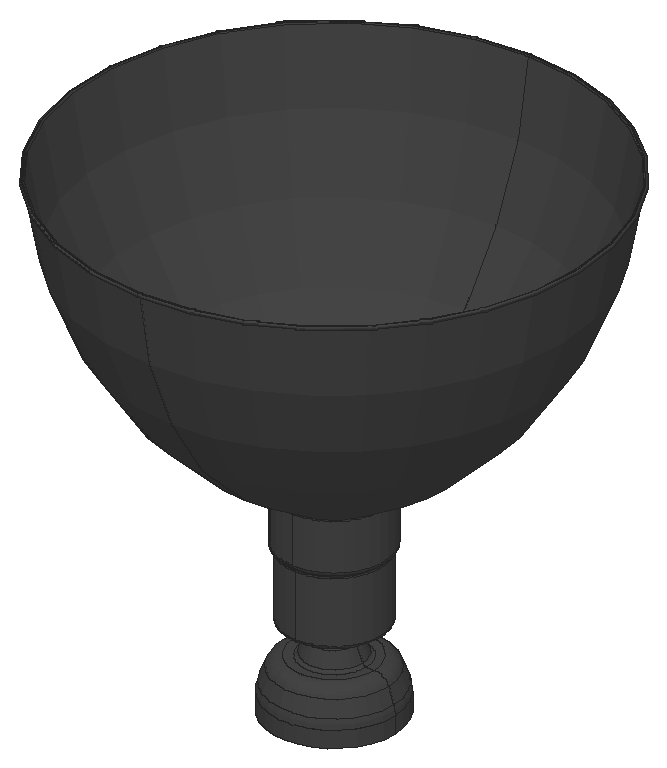
Revit family "BLE-F-VDBW-E26", category Lighting Fixtures, host Face, Revit 2022
Family settings
  Host = Face
  Round Connector Dimension = Use Diameter
  Part Type = Normal
  Cut with Voids When Loaded = No
  Light Source = Yes
  Maintain Annotation Orientation = No
  Shared = No
  Room Calculation Point = No
Parameters (values of type "24"")
  Wattage = 5.72229 W
  built-in parameter 1150110 = 1 (stored number, unit not read)
  built-in parameter 1114217 = 1 (stored number, unit not read)
  Tilt Angle = -90.00°
  built-in parameter 1150109 = 1 (stored number, unit not read)
  built-in parameter 1150134 = (empty or 0)
  built-in parameter 1150113 = 1 (stored number, unit not read)
  Photometric Web File = "generic"
  built-in parameter 1150142 = (empty or 0)
  built-in parameter 1150105 = 67.641 (stored number, unit not read)
  Lumens = 850 lm
  built-in parameter 1150115 = 1 (stored number, unit not read)
  built-in parameter 1150137 = (empty or 0)
  built-in parameter 1150139 = (empty or 0)
  built-in parameter 1150112 = 1 (stored number, unit not read)
  built-in parameter 1150114 = 1 (stored number, unit not read)
  built-in parameter 1150132 = 2
  built-in parameter 1150102 = (empty or 0)
  built-in parameter 1150107 = 3000 (stored number, unit not read)
  built-in parameter 1150138 = (empty or 0)
  built-in parameter 1150106 = 0.67641 (stored number, unit not read)
  Emit from Line Length = 2' - 0"
  built-in parameter 1150104 = 13.8 (stored number, unit not read)
  Dimming Lamp Color Temperature Shift = <None>
  Shade Material = 100 - Black
  Default Elevation = 4' - 0"
  Color Filter = 16777215
  Base Material = 100 - Black
  built-in parameter 1114218 = 1 (stored number, unit not read)
  built-in parameter 1150133 = 10 (stored number, unit not read)
  24" = yes
  20" = no
  16" = no
  14" = no
  12" = no
  10" = no
Types (7): name | 24" | 20" | 16" | 14" | 12" | 10"
  (no name) | yes | no | no | no | no | no
  10" | no | no | no | no | no | yes
  12" | no | no | no | no | yes | no
  14" | no | no | no | yes | no | no
  16" | no | no | yes | no | no | no
  20" | no | yes | no | no | no | no
  24" | yes | no | no | no | no | no
Reference planes (in)
  plane 1 "Center (Front/Back)": y = 0
  plane 2: z = 0
  plane 3 "Center (Left/Right)": x = 0
Lines and regions (in)
  reference lines
    curve 1: line (-35, 0, 0) -> (35, 0, 0)
    curve 2: line (0, 45, 0) -> (0, -38, 0)
Dimensions and locks (in)
  locked: imposter light to host face at 8.10156
  aligned and locked: plane 2 to host face
  aligned and locked: level to host face
  aligned and locked: plane 3 "Center (Left/Right)" to nested 1
  aligned and locked: plane 1 "Center (Front/Back)" to nested 1
  aligned and locked: plane 3 "Center (Left/Right)" to imposter light
  aligned and locked: imposter light to plane 1 "Center (Front/Back)"
  aligned and locked: nested 3 to imposter light
Nested families (in)
  nested 1: "SHD-0189" at (0, 0, 0), type "SHD-0189"
  nested 2: "DBW Shade" at (0, 0, 3.99418) x (0, 1, 0) z (0, 0, 1), type "DBW Shade"
    with 20" no, 16" no, 14" no, 12" no, 10" no
  nested 3: "CPL-0004" at (0, 0, 3.344) x (-1, 0, 0) z (0, 0, 1), type "CPL-0004"
  nested 4: "E26 Socket Assy" at (0, 0, 4.03324) x (0, 1, 0) z (0, 0, 1), type "E26 Socket Assy"
  nested 5: "E26 Bulb" at (0, -0.03394, 6.28823) x (-1, 0, 0) z (0, 0, 1), type "E26 Bulb"
Connectors (in)
  electrical at (0, 0, 0)
    settings: index 1, voltage 0 V, apparent load 0 VA, apparent load phase1 0 VA, apparent load phase2 0 VA, apparent load phase3 0 VA, power factor 1, load classification "Other", number of poles 1, system type 31, power factor state 1, is connector primary yes, connector utility no, sub classification motor no, connector description ""
Definition of nested family "SHD-0189"
  Parameters (values of type "SHD-0189")
    SHD-0189 = yes
    Default Elevation = 3' - 0"
    Base Material = none
  Reference planes (in)
    plane 1 "Center (Front/Back)": y = 0
    plane 2: z = 0
    plane 3 "Center (Left/Right)": x = 0
    plane 4: y = -1.135
    plane 5: x = -3.012
    plane 6: z = 0.932
    plane 7: x = -2.931
    plane 8: z = 1.247
    plane 9: z = 1.967
    plane 10: x = -2.669
    plane 11: x = -1.992
    plane 12: z = 2.441
    plane 13: x = -1.566
    plane 14: z = 2.564
    plane 15: x = -1.391
    plane 16: x = -1.137
    plane 17: z = 3.261
    plane 18: x = -1.019
    plane 19: z = 3.344
  Forms (in)
    Extrusion 1, solid
      sketch origin (0, 0, 0) x (1, 0, 0) y (0, 1, 0)
        loop
          line (-48, 48) -> (-48, -48) -> (48, -48) -> (48, 48) -> (-48, 48)
      from 0 to -12
    Revolve 2, solid, material <- "Base Material", visible <- "SHD-0189"
      sketch origin (0, 0, 0) x (1, 0, 0) y (0, 0, 1)
        loop
          line (-3.012, 0) -> (0, 0) -> (0, 3.344) -> (-1.01337, 3.344)
          arc (-1.01337, 3.344) -> (-1.08988, 3.31989) -> (-1.13873, 3.25626) r 0.13342
          line (-1.13873, 3.25626) -> (-1.39133, 2.56309)
          arc (-1.39133, 2.56309) -> (-1.45931, 2.47456) -> (-1.56577, 2.441) r 0.18566
          line (-1.56577, 2.441) -> (-1.98708, 2.441)
          arc (-1.98708, 2.441) -> (-2.40426, 2.30955) -> (-2.67072, 1.96268) r 0.7277
          line (-2.67072, 1.96268) -> (-2.93113, 1.2488)
          arc (-2.93113, 1.2488) -> (-2.99163, 1.02351) -> (-3.012, 0.79113) r 1.33552
          line (-3.012, 0.79113) -> (-3.012, 0)
        axis (0, 3.344) -> (0, 0)
      angle from 0 to 360
  Dimensions and locks (in)
    locked: plane 4 to plane 1 "Center (Front/Back)" at 1.135
    locked: plane 3 "Center (Left/Right)" to plane 18 at 1.019
    locked: plane 3 "Center (Left/Right)" to plane 13 at 1.566
    plane 5 to plane 3 "Center (Left/Right)" = 0' - 3.012"
    locked: plane 6 to Extrusion 1 at 0.932
    locked: plane 8 to plane 6 at 0.315
    locked: plane 9 to plane 8 at 0.72
    locked: plane 12 to plane 9 at 0.474
    locked: plane 14 to plane 12 at 0.123
    locked: plane 17 to plane 14 at 0.697
    locked: plane 19 to plane 17 at 0.083
    locked: plane 18 to plane 16 at 0.118
    locked: plane 15 to plane 13 at 0.175
    locked: plane 5 to plane 7 at 0.081
    locked: plane 10 to plane 7 at 0.262
    locked: plane 11 to plane 10 at 0.677
    aligned and locked: plane 2 to Extrusion 1
    aligned and locked: level to Extrusion 1
    aligned and locked: Revolve 2 sketch curve to plane 3 "Center (Left/Right)"
  Automatic sketch dimensions
    Extrusion 1 sketch curve to Extrusion 1 sketch curve = 8' - 0"  (x2)
    Revolve 2 sketch curve to level = 0' - 0"
    plane 5 to Revolve 2 sketch curve = 0' - 0"
    Revolve 2 sketch curve to plane 12 = 0' - 0"
    Revolve 2 sketch curve to plane 19 = 0' - 0"
    Revolve 2 sketch curve to plane 3 "Center (Left/Right)" = 0' - 0"
    Revolve 2 sketch curve to plane 7 = 0' - 0.00013"
    Revolve 2 sketch curve to plane 10 = 0' - 0.00172"
    plane 11 to Revolve 2 sketch curve = 0' - 0.00492"
    Revolve 2 sketch curve to plane 13 = 0' - 0.11048"
    plane 13 to Revolve 2 sketch curve = 0' - 0.00023"
    Revolve 2 sketch curve to plane 15 = 0' - 0.00033"
    Revolve 2 sketch curve to plane 16 = 0' - 0.00173"
    plane 18 to Revolve 2 sketch curve = 0' - 0.00563"
    Revolve 2 sketch curve to Revolve 2 sketch curve = 0' - 1.82253"
    Revolve 2 sketch curve to Revolve 2 sketch curve = 0' - 3 1/4"
Definition of nested family "DBW Shade"
  Parameters (values of type "DBW Shade")
    Shade Material = none
    Default Elevation = 2' - 0"
    24" = yes
    20" = yes
    10" = yes
    16" = yes
    14" = yes
    12" = yes
  Reference planes (in)
    plane 1 "Center (Front/Back)": y = 0
    plane 2: z = 0
    plane 3 "Center (Left/Right)": x = 0
  Forms (in)
    Extrusion 1, solid
      sketch origin (0, 0, 0) x (1, 0, 0) y (0, 1, 0)
        loop
          line (-48, 48) -> (-48, -48) -> (48, -48) -> (48, 48) -> (-48, 48)
      from 0 to -12
  Dimensions and locks (in)
    aligned and locked: plane 2 to Extrusion 1
    aligned and locked: level to Extrusion 1
    aligned and locked: plane 1 "Center (Front/Back)" to nested 1
    aligned and locked: plane 3 "Center (Left/Right)" to nested 1
    aligned and locked: plane 3 "Center (Left/Right)" to nested 2
    aligned and locked: plane 1 "Center (Front/Back)" to nested 2
    aligned and locked: plane 1 "Center (Front/Back)" to nested 3
    aligned and locked: plane 3 "Center (Left/Right)" to nested 3
    aligned and locked: plane 1 "Center (Front/Back)" to nested 4
    aligned and locked: plane 1 "Center (Front/Back)" to nested 5
    aligned and locked: plane 3 "Center (Left/Right)" to nested 5
    aligned and locked: plane 3 "Center (Left/Right)" to nested 6
    aligned and locked: plane 1 "Center (Front/Back)" to nested 6
    aligned and locked: plane 3 "Center (Left/Right)" to nested 4
  Nested families (in)
    nested 1: "SHD-0028" at (0, 0, 0), visible <- "10"", type "SHD-0028"
    nested 2: "SHD-0029" at (0, 0, 0), visible <- "12"", type "SHD-0029"
    nested 3: "SHD-0114" at (0, 0, 0), visible <- "14"", type "SHD-0114"
    nested 4: "SHD-0115" at (0, 0, 0), visible <- "16"", type "SHD-0115"
    nested 5: "SHD-0308" at (0, 0, 0), visible <- "24"", type "SHD-0308"
    nested 6: "SHD-0223" at (0, 0, 0), visible <- "20"", type "SHD-0223"
  Definition of nested family "SHD-0028"
    Parameters (values of type "SHD-0028")
      Shade Material = none
      Default Elevation = 2' - 0"
    Reference planes (in)
      plane 1 "Center (Front/Back)": y = 0
      plane 2: z = 0
      plane 3 "Center (Left/Right)": x = 0
      plane 4 "Wood Height": z = 0
      plane 5 "Nut Radius": x = -1.03713
      plane 6 "Nut Flat": x = -0.861
      plane 7 "Shade Thickness": z = 0.04
      plane 8 "Lower Shade bottom": z = 9.109
      plane 9 "Lower Shade Outer Dia": x = -5
      plane 10 "Shade Top Dia": x = -1.20713
      plane 11 "Shade Middle Radius Height1": z = 1.965
      plane 12 "Shade Lower Diameter1": x = -1.44113
      plane 13 "Shade Top Radius": x = -1.29713
      plane 14 "Shade Middle Radious Height2": z = 2.105
      plane 15 "Shade Middle Radius Diameter2": x = -1.41363
      plane 16 "Lip Height": z = 9.029
      plane 17 "Bowl Start": z = 3.545
      plane 18: x = -4.85
      plane 19: z = 9.069
    Forms (in)
      Extrusion 1, solid
        sketch origin (0, 0, 0) x (1, 0, 0) y (0, 1, 0)
          loop
            line (-48, 48) -> (-48, -48) -> (48, -48) -> (48, 48) -> (-48, 48)
        from 0 to -12
      Revolve 2, solid, material <- "Shade Material"
        sketch origin (0, 0, 0) x (1, 0, 0) y (0, 0, 1)
          loop
            line (0, 0) -> (0, 0.03906) -> (-1.20713, 0.03906)
            arc (-1.20713, 0.03906) -> (-1.24314, 0.05398) -> (-1.25806, 0.09) r 0.05094
            line (-1.25806, 0.09) -> (-1.25806, 1.94384)
            arc (-1.25806, 1.94384) -> (-1.26409, 1.97759) -> (-1.28141, 2.00717) r 0.09757
            line (-1.28141, 2.00717) -> (-1.37456, 2.11635) -> (-1.37456, 3.48096)
            arc (-1.37456, 3.48096) -> (-1.39014, 3.54099) -> (-1.43295, 3.58588) r 0.12347
            arc (-1.43295, 3.58588) -> (-3.7536, 5.90437) -> (-4.80544, 9.01154) r 7.20294
            arc (-4.80544, 9.01154) -> (-4.99326, 9.04214) -> (-4.84504, 8.9228) r 0.09841
            line (-4.84504, 8.9228) -> (-4.86619, 8.95581)
            arc (-4.86619, 8.95581) -> (-4.95809, 9.02506) -> (-4.84432, 9.00777) r 0.05934
            arc (-4.84432, 9.00777) -> (-3.78678, 5.88375) -> (-1.45354, 3.55268) r 7.242
            arc (-1.45354, 3.55268) -> (-1.42428, 3.522) -> (-1.41363, 3.48096) r 0.0844
            line (-1.41363, 3.48096) -> (-1.41363, 2.13147)
            arc (-1.41363, 2.13147) -> (-1.40868, 2.10377) -> (-1.39446, 2.07949) r 0.08009
            line (-1.39446, 2.07949) -> (-1.31112, 1.98181)
            arc (-1.31112, 1.98181) -> (-1.30074, 1.96408) -> (-1.29713, 1.94384) r 0.0585
            line (-1.29713, 1.94384) -> (-1.29713, 0.09)
            arc (-1.29713, 0.09) -> (-1.27077, 0.02636) -> (-1.20713, 0) r 0.09
            line (-1.20713, 0) -> (0, 0)
          axis (0, 9.01154) -> (0, 0)
        angle from 0 to 360
    Dimensions and locks (in)
      locked: plane 6 "Nut Flat" to plane 3 "Center (Left/Right)" at 0.861
      locked: plane 7 "Shade Thickness" to plane 4 "Wood Height" at 0.04
      locked: plane 3 "Center (Left/Right)" to plane 9 "Lower Shade Outer Dia" at 5
      locked: plane 11 "Shade Middle Radius Height1" to plane 4 "Wood Height" at 1.965
      locked: plane 14 "Shade Middle Radious Height2" to plane 4 "Wood Height" at 2.105
      locked: plane 8 "Lower Shade bottom" to plane 16 "Lip Height" at 0.08
      locked: plane 17 "Bowl Start" to plane 4 "Wood Height" at 3.545
      locked: plane 18 to plane 9 "Lower Shade Outer Dia" at 0.15
      locked: plane 8 "Lower Shade bottom" to plane 19 at 0.04
      locked: plane 8 "Lower Shade bottom" to plane 4 "Wood Height" at 9.109
      aligned and locked: plane 2 to Extrusion 1
      aligned and locked: level to Extrusion 1
      aligned and locked: plane 4 "Wood Height" to Revolve 2 sketch curve
      aligned and locked: plane 10 "Shade Top Dia" to Revolve 2 sketch curve
      aligned and locked: Revolve 2 sketch curve to plane 15 "Shade Middle Radius Diameter2"
      aligned and locked: Revolve 2 sketch curve to plane 13 "Shade Top Radius"
      aligned and locked: Extrusion 1 to plane 4 "Wood Height"
    Automatic sketch dimensions
      Extrusion 1 sketch curve to Extrusion 1 sketch curve = 8' - 0"  (x2)
      Revolve 2 sketch curve to Revolve 2 sketch curve = 0' - 0"  (x12)
      Revolve 2 sketch curve to plane 3 "Center (Left/Right)" = 0' - 0"  (x2)
      plane 18 to Revolve 2 sketch curve = 0' - 0.00496"
      Revolve 2 sketch curve to plane 18 = 0' - 0.01619"
      plane 15 "Shade Middle Radius Diameter2" to Revolve 2 sketch curve = 0' - 0.01916"
      plane 14 "Shade Middle Radious Height2" to Revolve 2 sketch curve = 0' - 0.01135"
      plane 15 "Shade Middle Radius Diameter2" to Revolve 2 sketch curve = 0' - 0 5/128"
      Revolve 2 sketch curve to plane 11 "Shade Middle Radius Height1" = 0' - 0.02116"
      plane 15 "Shade Middle Radius Diameter2" to Revolve 2 sketch curve = 0' - 0.058"
      plane 14 "Shade Middle Radious Height2" to Revolve 2 sketch curve = 0' - 0.02647"
      Revolve 2 sketch curve to plane 13 "Shade Top Radius" = 0' - 0.01572"
      Revolve 2 sketch curve to Revolve 2 sketch curve = 0' - 0 5/128"
      Revolve 2 sketch curve to plane 17 "Bowl Start" = 0' - 0.06404"
      plane 18 to Revolve 2 sketch curve = 0' - 0.00568"
      plane 17 "Bowl Start" to Revolve 2 sketch curve = 0' - 0.15101"
      Revolve 2 sketch curve to Revolve 2 sketch curve = 0' - 2.15863"
      Revolve 2 sketch curve to plane 12 "Shade Lower Diameter1" = 0' - 0.00818"
      Revolve 2 sketch curve to Revolve 2 sketch curve = 0' - 0.03888"  (x2)
      Revolve 2 sketch curve to Revolve 2 sketch curve = 0' - 0.03301"
      Revolve 2 sketch curve to Revolve 2 sketch curve = 0' - 0.02059"
      Revolve 2 sketch curve to Revolve 2 sketch curve = 0' - 0.03319"
  Definition of nested family "SHD-0029"
    Parameters (values of type "SHD-0029")
      Shade Material = none
      Default Elevation = 2' - 0"
    Reference planes (in)
      plane 1 "Center (Front/Back)": y = 0
      plane 2: z = 0
      plane 3 "Center (Left/Right)": x = 0
      plane 4 "Wood Height": z = 0
      plane 5 "Nut Radius": x = -1.03713
      plane 6 "Nut Flat": x = -0.861
      plane 7 "Shade Thickness": z = 0.04
      plane 8 "Shade Top Dia": x = -1.20713
      plane 9 "Shade Middle Radius Height1": z = 1.965
      plane 10 "Shade Lower Diameter1": x = -1.44113
      plane 11 "Shade Top Radius": x = -1.29713
      plane 12 "Shade Middle Radious Height2": z = 2.105
      plane 13 "Shade Middle Radius Diameter2": x = -1.41363
      plane 14 "Bowl Start": z = 3.545
    Forms (in)
      Extrusion 1, solid
        sketch origin (0, 0, 0) x (1, 0, 0) y (0, 1, 0)
          loop
            line (-48, 48) -> (-48, -48) -> (48, -48) -> (48, 48) -> (-48, 48)
        from 0 to -12
      Revolve 2, solid, material <- "Shade Material"
        sketch origin (0, 0, 0) x (1, 0, 0) y (0, 0, 1)
          loop
            line (0, 0) -> (0, 0.03906) -> (-1.20713, 0.03906)
            arc (-1.20713, 0.03906) -> (-1.24314, 0.05398) -> (-1.25806, 0.09) r 0.05094
            line (-1.25806, 0.09) -> (-1.25806, 1.94384)
            arc (-1.25806, 1.94384) -> (-1.26409, 1.97759) -> (-1.28141, 2.00717) r 0.09757
            line (-1.28141, 2.00717) -> (-1.37456, 2.11635) -> (-1.37456, 3.49488)
            arc (-1.37456, 3.49488) -> (-1.3856, 3.54027) -> (-1.41623, 3.57553) r 0.09889
            arc (-1.41623, 3.57553) -> (-4.2546, 6.22323) -> (-5.80711, 9.7808) r 9.56481
            arc (-5.80711, 9.7808) -> (-5.99536, 9.79563) -> (-5.84506, 9.68132) r 0.09841
            line (-5.84506, 9.68132) -> (-5.86621, 9.71432)
            arc (-5.86621, 9.71432) -> (-5.9593, 9.78052) -> (-5.84534, 9.77276) r 0.05934
            arc (-5.84534, 9.77276) -> (-4.28694, 6.2013) -> (-1.43786, 3.54296) r 9.60387
            arc (-1.43786, 3.54296) -> (-1.42003, 3.5218) -> (-1.41363, 3.49488) r 0.05982
            line (-1.41363, 3.49488) -> (-1.41363, 2.13147)
            arc (-1.41363, 2.13147) -> (-1.40868, 2.10377) -> (-1.39446, 2.07949) r 0.08009
            line (-1.39446, 2.07949) -> (-1.31112, 1.98181)
            arc (-1.31112, 1.98181) -> (-1.30074, 1.96408) -> (-1.29713, 1.94384) r 0.0585
            line (-1.29713, 1.94384) -> (-1.29713, 0.09)
            arc (-1.29713, 0.09) -> (-1.27077, 0.02636) -> (-1.20713, 0) r 0.09
            line (-1.20713, 0) -> (0, 0)
          axis (0, 9.7808) -> (0, 0)
        angle from 0 to 360
    Dimensions and locks (in)
      locked: plane 6 "Nut Flat" to plane 3 "Center (Left/Right)" at 0.861
      locked: plane 7 "Shade Thickness" to plane 4 "Wood Height" at 0.04
      locked: plane 9 "Shade Middle Radius Height1" to plane 4 "Wood Height" at 1.965
      locked: plane 12 "Shade Middle Radious Height2" to plane 4 "Wood Height" at 2.105
      locked: plane 14 "Bowl Start" to plane 4 "Wood Height" at 3.545
      aligned and locked: plane 2 to Extrusion 1
      aligned and locked: level to Extrusion 1
      aligned and locked: plane 4 "Wood Height" to Revolve 2 sketch curve
      aligned and locked: plane 8 "Shade Top Dia" to Revolve 2 sketch curve
      aligned and locked: Revolve 2 sketch curve to plane 13 "Shade Middle Radius Diameter2"
      aligned and locked: Revolve 2 sketch curve to plane 11 "Shade Top Radius"
      aligned and locked: Extrusion 1 to plane 4 "Wood Height"
    Automatic sketch dimensions
      Extrusion 1 sketch curve to Extrusion 1 sketch curve = 8' - 0"  (x2)
      Revolve 2 sketch curve to Revolve 2 sketch curve = 0' - 0"  (x15)
      Revolve 2 sketch curve to plane 3 "Center (Left/Right)" = 0' - 0"  (x2)
      plane 10 "Shade Lower Diameter1" to Revolve 2 sketch curve = 0' - 0.03232"
      Revolve 2 sketch curve to Revolve 2 sketch curve = 0' - 0.02115"
      Revolve 2 sketch curve to Revolve 2 sketch curve = 0' - 0.0372"
      plane 13 "Shade Middle Radius Diameter2" to Revolve 2 sketch curve = 0' - 0.01916"
      plane 12 "Shade Middle Radious Height2" to Revolve 2 sketch curve = 0' - 0.01135"
      plane 13 "Shade Middle Radius Diameter2" to Revolve 2 sketch curve = 0' - 0 5/128"
      Revolve 2 sketch curve to plane 9 "Shade Middle Radius Height1" = 0' - 0.02116"
      plane 13 "Shade Middle Radius Diameter2" to Revolve 2 sketch curve = 0' - 0.058"
      plane 12 "Shade Middle Radious Height2" to Revolve 2 sketch curve = 0' - 0.02647"
      Revolve 2 sketch curve to plane 11 "Shade Top Radius" = 0' - 0.01572"
      Revolve 2 sketch curve to Revolve 2 sketch curve = 0' - 0 5/128"
      Revolve 2 sketch curve to plane 14 "Bowl Start" = 0' - 0.05012"
      Revolve 2 sketch curve to Revolve 2 sketch curve = 0' - 0.03301"
      Revolve 2 sketch curve to Revolve 2 sketch curve = 0' - 0.04623"
      Revolve 2 sketch curve to plane 13 "Shade Middle Radius Diameter2" = 0' - 0.00261"
      Revolve 2 sketch curve to plane 14 "Bowl Start" = 0' - 0.00204"
      plane 14 "Bowl Start" to Revolve 2 sketch curve = 0' - 0.15101"
      Revolve 2 sketch curve to Revolve 2 sketch curve = 0' - 2.15863"
      plane 10 "Shade Lower Diameter1" to Revolve 2 sketch curve = 0' - 4.40394"
      plane 3 "Center (Left/Right)" to Revolve 2 sketch curve = 0' - 3.5532"
      plane 14 "Bowl Start" to Revolve 2 sketch curve = 0' - 6.13632"
  Definition of nested family "SHD-0114"
    Parameters (values of type "SHD-0114")
      Shade Material = none
      Default Elevation = 2' - 0"
    Reference planes (in)
      plane 1 "Center (Front/Back)": y = 0
      plane 2: z = 0
      plane 3 "Center (Left/Right)": x = 0
      plane 4 "Wood Height": z = 0
    Forms (in)
      Extrusion 1, solid
        sketch origin (0, 0, 0) x (1, 0, 0) y (0, 1, 0)
          loop
            line (-48, 48) -> (-48, -48) -> (48, -48) -> (48, 48) -> (-48, 48)
        from 0 to -12
      Revolve 2, solid, material <- "Shade Material"
        sketch origin (0, 0, 0) x (1, 0, 0) y (0, 0, 1)
          loop
            line (0, 0) -> (0, 0.03906) -> (-1.45545, 0.03906)
            arc (-1.45545, 0.03906) -> (-1.49164, 0.05405) -> (-1.50663, 0.09025) r 0.05119
            line (-1.50663, 0.09025) -> (-1.50663, 2.07228)
            arc (-1.50663, 2.07228) -> (-1.51325, 2.1034) -> (-1.53194, 2.12913) r 0.0765
            line (-1.53194, 2.12913) -> (-1.59895, 2.18946)
            arc (-1.59895, 2.18946) -> (-1.61737, 2.21483) -> (-1.62389, 2.24549) r 0.07539
            line (-1.62389, 2.24549) -> (-1.62389, 3.76049)
            arc (-1.62389, 3.76049) -> (-1.63985, 3.81863) -> (-1.68326, 3.86047) r 0.11386
            arc (-1.68326, 3.86047) -> (-5.12462, 6.95788) -> (-6.79993, 11.27416) r 9.99002
            arc (-6.79993, 11.27416) -> (-6.99505, 11.29998) -> (-6.84047, 11.17815) r 0.10205
            line (-6.84047, 11.17815) -> (-6.86365, 11.20959)
            arc (-6.86365, 11.20959) -> (-6.95906, 11.28479) -> (-6.83863, 11.26885) r 0.06299
            arc (-6.83863, 11.26885) -> (-5.15677, 6.93569) -> (-1.70196, 3.82617) r 10.02909
            arc (-1.70196, 3.82617) -> (-1.67344, 3.79868) -> (-1.66295, 3.76049) r 0.07479
            line (-1.66295, 3.76049) -> (-1.66295, 2.24549)
            arc (-1.66295, 2.24549) -> (-1.65306, 2.19894) -> (-1.62508, 2.16043) r 0.11445
            line (-1.62508, 2.16043) -> (-1.55808, 2.1001)
            arc (-1.55808, 2.1001) -> (-1.54893, 2.08751) -> (-1.54569, 2.07228) r 0.03743
            line (-1.54569, 2.07228) -> (-1.54569, 0.09025)
            arc (-1.54569, 0.09025) -> (-1.51926, 0.02643) -> (-1.45545, 0) r 0.09025
            line (-1.45545, 0) -> (0, 0)
          axis (0, 11.27416) -> (0, 0)
        angle from 0 to 360
    Dimensions and locks (in)
      aligned and locked: plane 2 to Extrusion 1
      aligned and locked: level to Extrusion 1
      aligned and locked: Extrusion 1 to plane 4 "Wood Height"
    Automatic sketch dimensions
      Extrusion 1 sketch curve to Extrusion 1 sketch curve = 8' - 0"  (x2)
      Revolve 2 sketch curve to Revolve 2 sketch curve = 0' - 0"  (x25)
      Revolve 2 sketch curve to level = 0' - 0"
      Revolve 2 sketch curve to plane 3 "Center (Left/Right)" = 0' - 0"  (x2)
      Revolve 2 sketch curve to Revolve 2 sketch curve = 0' - 0.01239"
      Revolve 2 sketch curve to Revolve 2 sketch curve = 0' - 0.07479"
      Revolve 2 sketch curve to Revolve 2 sketch curve = 0' - 0.02318"
      Revolve 2 sketch curve to Revolve 2 sketch curve = 0' - 0.03738"
      Revolve 2 sketch curve to Revolve 2 sketch curve = 0' - 0.03144"
      Revolve 2 sketch curve to Revolve 2 sketch curve = 0' - 0.0507"
      Revolve 2 sketch curve to Revolve 2 sketch curve = 0' - 0.01869"  (x2)
      Revolve 2 sketch curve to Revolve 2 sketch curve = 0' - 2.15863"
      plane 3 "Center (Left/Right)" to Revolve 2 sketch curve = 0' - 3.09734"
      Revolve 2 sketch curve to Revolve 2 sketch curve = 0' - 0.02614"
      Revolve 2 sketch curve to Revolve 2 sketch curve = 0' - 0 5/128"  (x2)
      Revolve 2 sketch curve to Revolve 2 sketch curve = 0' - 1.45545"
      Revolve 2 sketch curve to Revolve 2 sketch curve = 0' - 0.05119"
      Revolve 2 sketch curve to Revolve 2 sketch curve = 0' - 0.02531"
      Revolve 2 sketch curve to Revolve 2 sketch curve = 0' - 0.01656"
      Revolve 2 sketch curve to Revolve 2 sketch curve = 0' - 0.02505"
      Revolve 2 sketch curve to Revolve 2 sketch curve = 0' - 0.05045"
      Revolve 2 sketch curve to plane 3 "Center (Left/Right)" = 0' - 6.84047"
      Revolve 2 sketch curve to Revolve 2 sketch curve = 0' - 1.98204"
      Revolve 2 sketch curve to Revolve 2 sketch curve = 0' - 1.515"
      Revolve 2 sketch curve to Revolve 2 sketch curve = 0' - 7.41765"
      Revolve 2 sketch curve to Revolve 2 sketch curve = 0' - 0.06448"
  Definition of nested family "SHD-0115"
    Parameters (values of type "SHD-0115")
      Shade Material = none
      Default Elevation = 2' - 0"
    Reference planes (in)
      plane 1 "Center (Front/Back)": y = 0
      plane 2: z = 0
      plane 3 "Center (Left/Right)": x = 0
      plane 4 "Wood Height": z = 0
    Forms (in)
      Extrusion 1, solid
        sketch origin (0, 0, 0) x (1, 0, 0) y (0, 1, 0)
          loop
            line (-48, 48) -> (-48, -48) -> (48, -48) -> (48, 48) -> (-48, 48)
        from 0 to -12
      Revolve 2, solid, material <- "Shade Material"
        sketch origin (0, 0, 0) x (1, 0, 0) y (0, 0, 1)
          loop
            line (0, 0) -> (0, 0.03906) -> (-1.45545, 0.03906)
            arc (-1.45545, 0.03906) -> (-1.49164, 0.05405) -> (-1.50663, 0.09025) r 0.05119
            line (-1.50663, 0.09025) -> (-1.50663, 2.07228)
            arc (-1.50663, 2.07228) -> (-1.51325, 2.1034) -> (-1.53194, 2.12913) r 0.0765
            line (-1.53194, 2.12913) -> (-1.59895, 2.18946)
            arc (-1.59895, 2.18946) -> (-1.61737, 2.21483) -> (-1.62389, 2.24549) r 0.07539
            line (-1.62389, 2.24549) -> (-1.62389, 3.76049)
            arc (-1.62389, 3.76049) -> (-1.64115, 3.82076) -> (-1.6877, 3.86276) r 0.11386
            arc (-1.6877, 3.86276) -> (-5.9143, 7.51176) -> (-7.79992, 12.76759) r 10.98102
            arc (-7.79992, 12.76759) -> (-7.99459, 12.80067) -> (-7.84102, 12.67655) r 0.10205
            line (-7.84102, 12.67655) -> (-7.8642, 12.70799)
            arc (-7.8642, 12.70799) -> (-7.95899, 12.7846) -> (-7.83883, 12.76418) r 0.06299
            arc (-7.83883, 12.76418) -> (-5.94651, 7.48965) -> (-1.70487, 3.82767) r 11.02008
            arc (-1.70487, 3.82767) -> (-1.67429, 3.80009) -> (-1.66295, 3.76049) r 0.07479
            line (-1.66295, 3.76049) -> (-1.66295, 2.24549)
            arc (-1.66295, 2.24549) -> (-1.65306, 2.19894) -> (-1.62508, 2.16043) r 0.11445
            line (-1.62508, 2.16043) -> (-1.55808, 2.1001)
            arc (-1.55808, 2.1001) -> (-1.54893, 2.08751) -> (-1.54569, 2.07228) r 0.03743
            line (-1.54569, 2.07228) -> (-1.54569, 0.09025)
            arc (-1.54569, 0.09025) -> (-1.51926, 0.02643) -> (-1.45545, 0) r 0.09025
            line (-1.45545, 0) -> (0, 0)
          axis (0, 12.76759) -> (0, 0)
        angle from 0 to 360
    Dimensions and locks (in)
      aligned and locked: plane 2 to Extrusion 1
      aligned and locked: level to Extrusion 1
      aligned and locked: Extrusion 1 to plane 4 "Wood Height"
    Automatic sketch dimensions
      Extrusion 1 sketch curve to Extrusion 1 sketch curve = 8' - 0"  (x2)
      Revolve 2 sketch curve to Revolve 2 sketch curve = 0' - 0"  (x16)
      Revolve 2 sketch curve to level = 0' - 0"
      Revolve 2 sketch curve to plane 3 "Center (Left/Right)" = 0' - 0"  (x2)
      Revolve 2 sketch curve to Revolve 2 sketch curve = 0' - 1.45545"
      Revolve 2 sketch curve to plane 3 "Center (Left/Right)" = 0' - 1.50663"
      Revolve 2 sketch curve to Revolve 2 sketch curve = 0' - 0.02531"
      Revolve 2 sketch curve to Revolve 2 sketch curve = 0' - 0 5/128"
      Revolve 2 sketch curve to Revolve 2 sketch curve = 0' - 0.01656"
      Revolve 2 sketch curve to Revolve 2 sketch curve = 0' - 0.01239"
      Revolve 2 sketch curve to Revolve 2 sketch curve = 0' - 0.02505"
      Revolve 2 sketch curve to Revolve 2 sketch curve = 0' - 0.05045"
      Revolve 2 sketch curve to Revolve 2 sketch curve = 0' - 0.02494"
      Revolve 2 sketch curve to Revolve 2 sketch curve = 0' - 0.02614"
      Revolve 2 sketch curve to Revolve 2 sketch curve = 0' - 0.07479"
      Revolve 2 sketch curve to Revolve 2 sketch curve = 0' - 0.02318"
      Revolve 2 sketch curve to Revolve 2 sketch curve = 0' - 0.03738"
      plane 3 "Center (Left/Right)" to Revolve 2 sketch curve = 0' - 3.13919"
      Revolve 2 sketch curve to Revolve 2 sketch curve = 0' - 1.98204"
      Revolve 2 sketch curve to Revolve 2 sketch curve = 0' - 1.515"
      Revolve 2 sketch curve to Revolve 2 sketch curve = 0' - 0.03144"
      Revolve 2 sketch curve to Revolve 2 sketch curve = 0' - 0.0507"
      Revolve 2 sketch curve to Revolve 2 sketch curve = 0' - 1.04947"
      Revolve 2 sketch curve to Revolve 2 sketch curve = 0' - 0.03891"
      Revolve 2 sketch curve to Revolve 2 sketch curve = 0' - 0.06448"
      Revolve 2 sketch curve to Revolve 2 sketch curve = 0' - 2.15863"
  Definition of nested family "SHD-0308"
    Parameters (values of type "SHD-0308")
      Shade Material = none
      Default Elevation = 2' - 0"
    Reference planes (in)
      plane 1 "Center (Front/Back)": y = 0
      plane 2: z = 0
      plane 3 "Center (Left/Right)": x = 0
      plane 4 "Wood Height": z = 0
    Forms (in)
      Extrusion 1, solid
        sketch origin (0, 0, 0) x (1, 0, 0) y (0, 1, 0)
          loop
            line (-48, 48) -> (-48, -48) -> (48, -48) -> (48, 48) -> (-48, 48)
        from 0 to -12
      Revolve 2, solid, material <- "Shade Material"
        sketch origin (0, 0, 0) x (1, 0, 0) y (0, 0, 1)
          loop
            line (0, 0) -> (0, 0.03906) -> (-2.22237, 0.03906)
            arc (-2.22237, 0.03906) -> (-2.2742, 0.06053) -> (-2.29567, 0.11236) r 0.0733
            line (-2.29567, 0.11236) -> (-2.29567, 3.09806)
            arc (-2.29567, 3.09806) -> (-2.30835, 3.16758) -> (-2.34475, 3.22814) r 0.19691
            line (-2.34475, 3.22814) -> (-2.42725, 3.32189)
            arc (-2.42725, 3.32189) -> (-2.46224, 3.38009) -> (-2.47442, 3.4469) r 0.18923
            line (-2.47442, 3.4469) -> (-2.47442, 5.72055)
            arc (-2.47442, 5.72055) -> (-2.4994, 5.80773) -> (-2.56677, 5.86845) r 0.16462
            arc (-2.56677, 5.86845) -> (-9.0535, 11.47959) -> (-11.91654, 19.56448) r 16.76616
            arc (-11.91654, 19.56448) -> (-11.93143, 19.59499) -> (-11.96306, 19.60734) r 0.04667
            line (-11.96306, 19.60734) -> (-12.00319, 19.60734)
            arc (-12.00319, 19.60734) -> (-12.07667, 19.53386) -> (-12.00319, 19.46037) r 0.07348
            line (-12.00319, 19.46037) -> (-11.96309, 19.46037) -> (-11.96309, 19.49944) -> (-12.00319, 19.49944)
            arc (-12.00319, 19.49944) -> (-12.03761, 19.53386) -> (-12.00319, 19.56828) r 0.03442
            line (-12.00319, 19.56828) -> (-11.95604, 19.56828)
            arc (-11.95604, 19.56828) -> (-9.08774, 11.46046) -> (-2.58392, 5.83336) r 16.80523
            arc (-2.58392, 5.83336) -> (-2.53254, 5.78704) -> (-2.51348, 5.72055) r 0.12556
            line (-2.51348, 5.72055) -> (-2.51348, 3.4469)
            arc (-2.51348, 3.4469) -> (-2.49878, 3.3663) -> (-2.45658, 3.29609) r 0.22829
            line (-2.45658, 3.29609) -> (-2.37408, 3.20234)
            arc (-2.37408, 3.20234) -> (-2.34489, 3.15379) -> (-2.33473, 3.09806) r 0.15785
            line (-2.33473, 3.09806) -> (-2.33473, 0.11236)
            arc (-2.33473, 0.11236) -> (-2.30182, 0.03291) -> (-2.22237, 0) r 0.11236
            line (-2.22237, 0) -> (0, 0)
          axis (0, 19.60734) -> (0, 0)
        angle from 0 to 360
    Dimensions and locks (in)
      aligned and locked: plane 2 to Extrusion 1
      aligned and locked: level to Extrusion 1
      aligned and locked: Extrusion 1 to plane 4 "Wood Height"
    Automatic sketch dimensions
      Extrusion 1 sketch curve to Extrusion 1 sketch curve = 8' - 0"  (x2)
      Revolve 2 sketch curve to Revolve 2 sketch curve = 0' - 0"  (x24)
      Revolve 2 sketch curve to level = 0' - 0"
      Revolve 2 sketch curve to plane 3 "Center (Left/Right)" = 0' - 0"  (x2)
      Revolve 2 sketch curve to Revolve 2 sketch curve = 0' - 0.01047"
      Revolve 2 sketch curve to Revolve 2 sketch curve = 0' - 0.01002"
      Revolve 2 sketch curve to Revolve 2 sketch curve = 0' - 0.02933"  (x2)
      Revolve 2 sketch curve to Revolve 2 sketch curve = 0' - 0.04717"
      Revolve 2 sketch curve to Revolve 2 sketch curve = 0' - 0.12556"
      Revolve 2 sketch curve to Revolve 2 sketch curve = 0' - 0.00701"
      Revolve 2 sketch curve to Revolve 2 sketch curve = 0' - 0.00004"
      Revolve 2 sketch curve to Revolve 2 sketch curve = 0' - 0.04013"
      plane 3 "Center (Left/Right)" to Revolve 2 sketch curve = 0' - 4.79372"
      Revolve 2 sketch curve to Revolve 2 sketch curve = 0' - 0 5/128"  (x2)
      Revolve 2 sketch curve to Revolve 2 sketch curve = 0' - 2.9857"
      Revolve 2 sketch curve to Revolve 2 sketch curve = 0' - 2.27365"
      Revolve 2 sketch curve to Revolve 2 sketch curve = 0' - 0.03442"
      Revolve 2 sketch curve to Revolve 2 sketch curve = 0' - 0.00761"
      Revolve 2 sketch curve to Revolve 2 sketch curve = 0' - 0.24911"
      Revolve 2 sketch curve to Revolve 2 sketch curve = 0' - 2.15863"
      Revolve 2 sketch curve to Revolve 2 sketch curve = 0' - 2.22237"
      Revolve 2 sketch curve to plane 3 "Center (Left/Right)" = 0' - 2.28519"
      Revolve 2 sketch curve to plane 3 "Center (Left/Right)" = 0' - 11.95604"
      Revolve 2 sketch curve to Revolve 2 sketch curve = 1' - 1.73983"
      Revolve 2 sketch curve to Revolve 2 sketch curve = 1' - 3.07792"
  Definition of nested family "SHD-0223"
    Parameters (values of type "SHD-0223")
      Shade Material = none
      Default Elevation = 2' - 0"
    Reference planes (in)
      plane 1 "Center (Front/Back)": y = 0
      plane 2: z = 0
      plane 3 "Center (Left/Right)": x = 0
      plane 4 "Wood Height": z = 0
    Forms (in)
      Extrusion 1, solid
        sketch origin (0, 0, 0) x (1, 0, 0) y (0, 1, 0)
          loop
            line (-48, 48) -> (-48, -48) -> (48, -48) -> (48, 48) -> (-48, 48)
        from 0 to -12
      Revolve 2, solid, material <- "Shade Material"
        sketch origin (0, 0, 0) x (1, 0, 0) y (0, 0, 1)
          loop
            line (0, 0) -> (0, 0.03906) -> (-1.8485, 0.03906)
            arc (-1.8485, 0.03906) -> (-1.88896, 0.05582) -> (-1.90572, 0.09628) r 0.05722
            line (-1.90572, 0.09628) -> (-1.90572, 2.57881)
            arc (-1.90572, 2.57881) -> (-1.9168, 2.64011) -> (-1.94865, 2.69364) r 0.17504
            line (-1.94865, 2.69364) -> (-2.01787, 2.77327)
            arc (-2.01787, 2.77327) -> (-2.04498, 2.81883) -> (-2.05441, 2.871) r 0.14898
            line (-2.05441, 2.871) -> (-2.05441, 4.7663)
            arc (-2.05441, 4.7663) -> (-2.07634, 4.84285) -> (-2.13548, 4.89618) r 0.14458
            arc (-2.13548, 4.89618) -> (-7.53748, 9.56968) -> (-9.92412, 16.30223) r 13.97395
            arc (-9.92412, 16.30223) -> (-9.93712, 16.32887) -> (-9.96474, 16.33964) r 0.04076
            line (-9.96474, 16.33964) -> (-10.00281, 16.33964)
            arc (-10.00281, 16.33964) -> (-10.06432, 16.27814) -> (-10.00281, 16.21663) r 0.06151
            line (-10.00281, 16.21663) -> (-9.96563, 16.21663) -> (-9.96563, 16.25569) -> (-10.00281, 16.25569)
            arc (-10.00281, 16.25569) -> (-10.02526, 16.27814) -> (-10.00281, 16.30058) r 0.02244
            line (-10.00281, 16.30058) -> (-9.96317, 16.30058)
            arc (-9.96317, 16.30058) -> (-7.57018, 9.5483) -> (-2.15264, 4.86109) r 14.01301
            arc (-2.15264, 4.86109) -> (-2.10948, 4.82217) -> (-2.09348, 4.7663) r 0.10551
            line (-2.09348, 4.7663) -> (-2.09348, 2.871)
            arc (-2.09348, 2.871) -> (-2.08157, 2.80515) -> (-2.04735, 2.74764) r 0.18804
            line (-2.04735, 2.74764) -> (-1.97814, 2.66801)
            arc (-1.97814, 2.66801) -> (-1.95339, 2.62643) -> (-1.94478, 2.57881) r 0.13598
            line (-1.94478, 2.57881) -> (-1.94478, 0.09628)
            arc (-1.94478, 0.09628) -> (-1.91658, 0.0282) -> (-1.8485, 0) r 0.09628
            line (-1.8485, 0) -> (0, 0)
          axis (0, 16.33964) -> (0, 0)
        angle from 0 to 360
    Dimensions and locks (in)
      aligned and locked: plane 2 to Extrusion 1
      aligned and locked: level to Extrusion 1
      aligned and locked: Extrusion 1 to plane 4 "Wood Height"
    Automatic sketch dimensions
      Extrusion 1 sketch curve to Extrusion 1 sketch curve = 8' - 0"  (x2)
      Revolve 2 sketch curve to Revolve 2 sketch curve = 0' - 0"  (x24)
      Revolve 2 sketch curve to level = 0' - 0"
      Revolve 2 sketch curve to plane 3 "Center (Left/Right)" = 0' - 0"  (x2)
      Revolve 2 sketch curve to Revolve 2 sketch curve = 0' - 0.05722"
      Revolve 2 sketch curve to Revolve 2 sketch curve = 0' - 0.00387"
      Revolve 2 sketch curve to Revolve 2 sketch curve = 0' - 0.02948"  (x2)
      Revolve 2 sketch curve to Revolve 2 sketch curve = 0' - 0.06922"
      Revolve 2 sketch curve to Revolve 2 sketch curve = 0' - 0.10551"
      Revolve 2 sketch curve to Revolve 2 sketch curve = 0' - 0.00156"
      Revolve 2 sketch curve to Revolve 2 sketch curve = 0' - 0.0009"
      Revolve 2 sketch curve to Revolve 2 sketch curve = 0' - 0.03807"
      plane 3 "Center (Left/Right)" to Revolve 2 sketch curve = 0' - 4.00263"
      Revolve 2 sketch curve to Revolve 2 sketch curve = 0' - 0 5/128"  (x2)
      Revolve 2 sketch curve to Revolve 2 sketch curve = 0' - 0.02244"
      Revolve 2 sketch curve to Revolve 2 sketch curve = 0' - 0.0017"
      Revolve 2 sketch curve to Revolve 2 sketch curve = 0' - 2.15863"
      Revolve 2 sketch curve to Revolve 2 sketch curve = 0' - 11.59521"
      Revolve 2 sketch curve to Revolve 2 sketch curve = 0' - 1.8485"
      Revolve 2 sketch curve to Revolve 2 sketch curve = 0' - 0.00028"
      Revolve 2 sketch curve to plane 3 "Center (Left/Right)" = 0' - 9.96317"
      Revolve 2 sketch curve to Revolve 2 sketch curve = 0' - 2.48252"
      Revolve 2 sketch curve to Revolve 2 sketch curve = 0' - 1.89529"
      Revolve 2 sketch curve to Revolve 2 sketch curve = 0' - 11.45033"
      Revolve 2 sketch curve to Revolve 2 sketch curve = 0' - 1.11021"
Definition of nested family "CPL-0004"
  Parameters (values of type "CPL-0004")
    Coupler Material = none
    Default Elevation = 2' - 0"
  Reference planes (in)
    plane 1 "Center (Front/Back)": y = 0
    plane 2: z = 0
    plane 3 "Center (Left/Right)": x = 0
    plane 4 "Wood Height": z = 0
    plane 5: y = 0.875
    plane 6: z = 0.4
  Forms (in)
    Extrusion 1, solid
      sketch origin (0, 0, 0) x (1, 0, 0) y (0, 1, 0)
        loop
          line (-48, 48) -> (-48, -48) -> (48, -48) -> (48, 48) -> (-48, 48)
      from 0 to -12
    Extrusion 2, solid, material <- "Coupler Material"
      sketch origin (0, 0, 0) x (1, 0, 0) y (0, 1, 0)
        loop
          line (-0.54127, 0.8125) -> (-0.97428, 0.0625)
          arc (-0.97428, 0.0625) -> (-0.99103, 0) -> (-0.97428, -0.0625) r 0.125
          line (-0.97428, -0.0625) -> (-0.54127, -0.8125)
          arc (-0.54127, -0.8125) -> (-0.49551, -0.85825) -> (-0.43301, -0.875) r 0.125
          line (-0.43301, -0.875) -> (0.43301, -0.875)
          arc (0.43301, -0.875) -> (0.49551, -0.85825) -> (0.54127, -0.8125) r 0.125
          line (0.54127, -0.8125) -> (0.97428, -0.0625)
          arc (0.97428, -0.0625) -> (0.99103, 0) -> (0.97428, 0.0625) r 0.125
          line (0.97428, 0.0625) -> (0.54127, 0.8125)
          arc (0.54127, 0.8125) -> (0.49551, 0.85825) -> (0.43301, 0.875) r 0.125
          line (0.43301, 0.875) -> (-0.43301, 0.875)
          arc (-0.43301, 0.875) -> (-0.49551, 0.85825) -> (-0.54127, 0.8125) r 0.125
      from 0 to 0.4
    Revolve 3, solid, material <- "Coupler Material"
      sketch origin (0, 0, 0) x (1, 0, 0) y (0, 0, 1)
        loop
          line (0, 0.65018) -> (-1.00921, 0.65018) -> (-1.03665, 0.61971) -> (-1.02973, 0.43008)
          arc (-1.02973, 0.43008) -> (-1.02417, 0.41239) -> (-1.01036, 0.4) r 0.03506
          line (-1.01036, 0.4) -> (0, 0.4) -> (0, 0.65018)
        axis (0, 0.65018) -> (0, 0.4)
      angle from 0 to 360
  Dimensions and locks (in)
    locked: plane 5 to plane 1 "Center (Front/Back)" at 0.875
    locked: plane 6 to Extrusion 1 at 0.4
    aligned and locked: plane 2 to Extrusion 1
    aligned and locked: level to Extrusion 1
    aligned and locked: Extrusion 1 to plane 4 "Wood Height"
    aligned and locked: Revolve 3 sketch curve to plane 3 "Center (Left/Right)"
  Automatic sketch dimensions
    Extrusion 1 sketch curve to Extrusion 1 sketch curve = 8' - 0"  (x2)
    Revolve 3 sketch curve to plane 6 = 0' - 0"
    Revolve 3 sketch curve to plane 3 "Center (Left/Right)" = 0' - 0"
    plane 6 to Revolve 3 sketch curve = 0' - 0.03136"
    Revolve 3 sketch curve to plane 3 "Center (Left/Right)" = 0' - 0.99469"
    plane 6 to Revolve 3 sketch curve = 0' - 0.25018"
    Revolve 3 sketch curve to Revolve 3 sketch curve = 0' - 0.01453"
    Revolve 3 sketch curve to Revolve 3 sketch curve = 0' - 0.01568"
    plane 6 to Revolve 3 sketch curve = 0' - 0.03008"
    plane 6 to Revolve 3 sketch curve = 0' - 0.21971"
    Revolve 3 sketch curve to Revolve 3 sketch curve = 0' - 0.02744"
    Revolve 3 sketch curve to level = 0' - 0.16839"
    Revolve 3 sketch curve to Revolve 3 sketch curve = 0' - 0.1618"
    plane 1 "Center (Front/Back)" to Extrusion 2 sketch curve = 0' - 0"  (x2)
    Extrusion 2 sketch curve to plane 5 = 0' - 0"
    Extrusion 2 sketch curve to plane 1 "Center (Front/Back)" = 0' - 0 1/16"  (x2)
    plane 1 "Center (Front/Back)" to Extrusion 2 sketch curve = 0' - 0 1/16"  (x2)
    Extrusion 2 sketch curve to Extrusion 2 sketch curve = 0' - 0.10825"  (x4)
    Extrusion 2 sketch curve to plane 3 "Center (Left/Right)" = 0' - 0.54127"
    Extrusion 2 sketch curve to plane 5 = 0' - 0 1/16"  (x2)
    plane 3 "Center (Left/Right)" to Extrusion 2 sketch curve = 0' - 0.43301"  (x2)
Definition of nested family "E26 Socket Assy"
  Parameters (values of type "E26 Socket Assy")
    Shade Material = none
    Default Elevation = 2' - 0"
  Reference planes (in)
    plane 1 "Center (Front/Back)": y = 0
    plane 2: z = 0
    plane 3 "Center (Left/Right)": x = 0
    plane 4 "Wood Height": z = 0
  Forms (in)
    Extrusion 1, solid
      sketch origin (0, 0, 0) x (1, 0, 0) y (0, 1, 0)
        loop
          line (-48, 48) -> (-48, -48) -> (48, -48) -> (48, 48) -> (-48, 48)
      from 0 to -12
    Revolve 2, solid
      sketch origin (0, 0, 0) x (1, 0, 0) y (0, 0, 1)
        loop
          line (0, 0) -> (0, 2.155) -> (-0.57839, 2.155) -> (-0.67838, 2.25499) -> (-0.71769, 2.25499)
          arc (-0.71769, 2.25499) -> (-0.75193, 2.2408) -> (-0.76611, 2.20657) r 0.04842
          line (-0.76611, 2.20657) -> (-0.76611, 0.37999) -> (-1, 0.37999) -> (-0.98772, 0.02838)
          arc (-0.98772, 0.02838) -> (-0.97876, 0.00825) -> (-0.95833, 0) r 0.02941
          line (-0.95833, 0) -> (0, 0)
        axis (0, 2.25499) -> (0, 0)
      angle from 0 to 360
  Dimensions and locks (in)
    aligned and locked: plane 2 to Extrusion 1
    aligned and locked: level to Extrusion 1
    aligned and locked: Extrusion 1 to plane 4 "Wood Height"
    aligned and locked: Revolve 2 sketch curve to plane 3 "Center (Left/Right)"
  Automatic sketch dimensions
    Extrusion 1 sketch curve to Extrusion 1 sketch curve = 8' - 0"  (x2)
    Revolve 2 sketch curve to level = 0' - 0"
    Revolve 2 sketch curve to plane 3 "Center (Left/Right)" = 0' - 0"
    Revolve 2 sketch curve to plane 3 "Center (Left/Right)" = 0' - 0.67838"
    Revolve 2 sketch curve to Revolve 2 sketch curve = 0' - 0.03931"
    level to Revolve 2 sketch curve = 0' - 0.37999"
    Revolve 2 sketch curve to plane 3 "Center (Left/Right)" = 0' - 0.76611"
    level to Revolve 2 sketch curve = 0' - 0.02941"
    Revolve 2 sketch curve to Revolve 2 sketch curve = 0' - 0.19222"
    level to Revolve 2 sketch curve = 0' - 0.02838"
    Revolve 2 sketch curve to Revolve 2 sketch curve = 0' - 1.77502"
    Revolve 2 sketch curve to Revolve 2 sketch curve = 0' - 0.05156"
    Revolve 2 sketch curve to Revolve 2 sketch curve = 0' - 0.09998"
    Revolve 2 sketch curve to Revolve 2 sketch curve = 0' - 0.48108"
    Revolve 2 sketch curve to Revolve 2 sketch curve = 0' - 0.69024"
Definition of nested family "E26 Bulb"
  Parameters (values of type "E26 Bulb")
    Bulb Base Material = none
    Default Elevation = 2' - 0"
    Bulb Material = none
  Reference planes (in)
    plane 1 "Center (Front/Back)": y = 0
    plane 2: z = 0
    plane 3 "Center (Left/Right)": x = 0
  Forms (in)
    Extrusion 1, solid
      sketch origin (0, 0, -12.73852) x (1, 0, 0) y (0, 1, 0)
        loop
          line (-48, 48) -> (-48, -48) -> (48, -48) -> (48, 48) -> (-48, 48)
      from 12.73852 to 2.73852
    Revolve 2, solid, material <- "Bulb Material"
      sketch origin (0, 0, 0) x (1, 0, 0) y (0, 0, 1)
        loop
          line (0.6495, 0.207) -> (0.68866, 0.449)
          arc (0.68866, 0.449) -> (0.75312, 0.6845) -> (0.866, 0.901) r 1.14598
          line (0.866, 0.901) -> (0.9845, 1.079)
          arc (0.9845, 1.079) -> (1.04207, 2.29114) -> (0, 2.913) r 1.17993
          line (0, 2.913) -> (0, 2.87394)
          arc (0, 2.87394) -> (1.00763, 2.2727) -> (0.95199, 1.10065) r 1.14086
          line (0.95199, 1.10065) -> (0.83348, 0.92265)
          arc (0.83348, 0.92265) -> (0.71675, 0.69877) -> (0.6501, 0.45524) r 1.18505
          line (0.6501, 0.45524) -> (0.61095, 0.21328)
          arc (0.61095, 0.21328) -> (0.57321, 0.11471) -> (0.49962, 0.03904) r 0.2619
          line (0.49962, 0.03904) -> (0, 0.03904) -> (0, -0.00002) -> (0.51117, -0.00002)
          arc (0.51117, -0.00002) -> (0.60275, 0.08852) -> (0.6495, 0.207) r 0.30097
        axis (0, 2.913) -> (0, -0.00002)
      angle from 0 to 360
  Dimensions and locks (in)
    aligned and locked: plane 2 to Extrusion 1
    aligned and locked: plane 3 "Center (Left/Right)" to Revolve 2 sketch curve
    aligned and locked: Revolve 2 sketch curve to plane 3 "Center (Left/Right)"
  Automatic sketch dimensions
    Extrusion 1 sketch curve to Extrusion 1 sketch curve = 8' - 0"  (x2)
    Revolve 2 sketch curve to Revolve 2 sketch curve = 0' - 0"  (x7)
    Revolve 2 sketch curve to plane 3 "Center (Left/Right)" = 0' - 0"
    plane 3 "Center (Left/Right)" to Revolve 2 sketch curve = 0' - 0.00246"
    Revolve 2 sketch curve to level = 0' - 0"
    Revolve 2 sketch curve to Revolve 2 sketch curve = 0' - 0.03252"
    Revolve 2 sketch curve to Revolve 2 sketch curve = 0' - 0.45527"
    Revolve 2 sketch curve to Revolve 2 sketch curve = 0' - 3.34544"
    Revolve 2 sketch curve to Revolve 2 sketch curve = 0' - 0.25844"
    plane 3 "Center (Left/Right)" to Revolve 2 sketch curve = 0' - 0.3525"
    level to Revolve 2 sketch curve = 0' - 0 5/128"
    Revolve 2 sketch curve to Revolve 2 sketch curve = 0' - 0.11133"
    Revolve 2 sketch curve to Revolve 2 sketch curve = 0' - 0.01155"
    level to Revolve 2 sketch curve = 0' - 0.207"
    Revolve 2 sketch curve to Revolve 2 sketch curve = 0' - 0.03855"
    Revolve 2 sketch curve to Revolve 2 sketch curve = 0' - 0.03915"
    level to Revolve 2 sketch curve = 0' - 0.449"
    Revolve 2 sketch curve to Revolve 2 sketch curve = 0' - 0.03856"
    Revolve 2 sketch curve to Revolve 2 sketch curve = 0' - 0.14482"
    Revolve 2 sketch curve to Revolve 2 sketch curve = 0' - 0.1185"
    Revolve 2 sketch curve to Revolve 2 sketch curve = 0' - 0.03251"
    level to Revolve 2 sketch curve = 0' - 0.26594"
    Revolve 2 sketch curve to Revolve 2 sketch curve = 0' - 0.00624"
    Revolve 2 sketch curve to Revolve 2 sketch curve = 0' - 0.02165"
    Revolve 2 sketch curve to Revolve 2 sketch curve = 0' - 0.63243"
